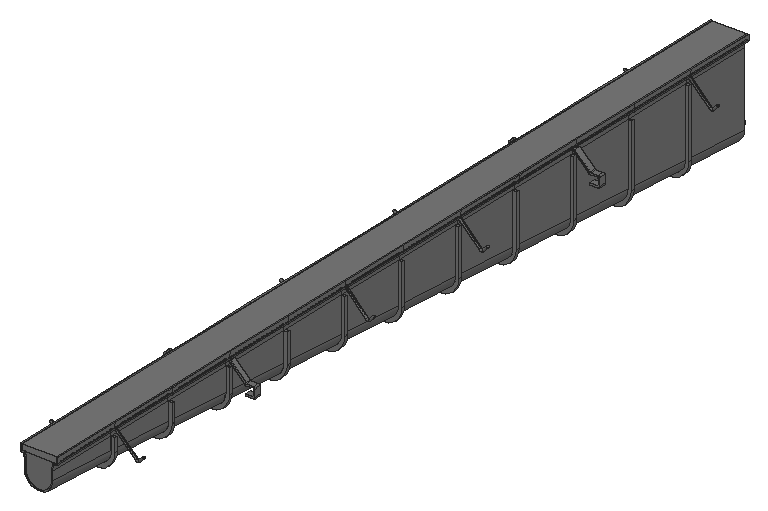
Revit family "x9940", category Plumbing Fixtures, Revit 2014 (continued)
Automatic sketch dimensions
  Blend 22 sketch curve to Blend 22 sketch curve = 0.12809"  (x2)
  Blend 23 sketch curve to Blend 23 sketch curve = 0"  (x2)
  Blend 23 sketch curve to level = 0"  (x4)
  Blend 23 sketch curve to plane 6 = 0"  (x2)
  Blend 23 sketch curve to plane 10 = 0"  (x4)
  plane 8 to Blend 23 sketch curve = 0"  (x2)
  Blend 23 sketch curve to plane 3 "Center (Left/Right)" = 0"  (x2)
  Blend 23 sketch curve to plane 24 = 0"  (x2)
  plane 7 to Blend 23 sketch curve = 0"  (x2)
  plane 6 to Blend 23 sketch curve = 0.16617"  (x2)
  plane 6 to Blend 23 sketch curve = 0.1804"  (x2)
  Blend 23 sketch curve to Blend 23 sketch curve = 0.0986"  (x2)
  Blend 23 sketch curve to Blend 23 sketch curve = 0.2354"  (x2)
  Blend 23 sketch curve to Blend 23 sketch curve = 0.10028"  (x2)
  Blend 23 sketch curve to Blend 23 sketch curve = 0.12518"  (x2)
  Blend 23 sketch curve to Blend 23 sketch curve = 0.15566"  (x2)
  Blend 23 sketch curve to plane 8 = 0.08142"  (x2)
  Blend 23 sketch curve to plane 9 = 0.08142"  (x2)
  Blend 23 sketch curve to Blend 23 sketch curve = 0.1276"  (x2)
  Blend 23 sketch curve to Blend 23 sketch curve = 0.01776"  (x2)
  Blend 23 sketch curve to Blend 23 sketch curve = 0.11805"  (x2)
  plane 10 to Blend 23 sketch curve = 29/256"  (x2)
  plane 7 to Blend 23 sketch curve = 0.27164"  (x2)
  plane 10 to Blend 23 sketch curve = 0.02415"  (x2)
  Blend 23 sketch curve to Blend 23 sketch curve = 0.02205"  (x2)
  plane 24 to Blend 23 sketch curve = 0.0893"  (x2)
  Blend 23 sketch curve to plane 24 = 0.01362"  (x4)
  Blend 23 sketch curve to plane 10 = 0.26473"  (x2)
  Blend 23 sketch curve to Blend 23 sketch curve = 0.10067"  (x2)
  Blend 23 sketch curve to Blend 23 sketch curve = 0.00877"  (x2)
  Blend 23 sketch curve to Blend 23 sketch curve = 0.12005"  (x2)
  Blend 23 sketch curve to Blend 23 sketch curve = 0.12809"  (x2)
  Extrusion 24 sketch curve to Extrusion 24 sketch curve = 0"  (x2)
  Extrusion 24 sketch curve to plane 6 = 0"
  Extrusion 24 sketch curve to plane 24 = 0"  (x2)
  Extrusion 24 sketch curve to plane 3 "Center (Left/Right)" = 0"
  Extrusion 24 sketch curve to plane 8 = 0.15566"
  plane 11 to Extrusion 24 sketch curve = 1.06441"
  Extrusion 25 sketch curve to Extrusion 25 sketch curve = 0"  (x2)
  Extrusion 25 sketch curve to plane 6 = 0"
  Extrusion 25 sketch curve to plane 24 = 0"  (x2)
  Extrusion 25 sketch curve to plane 3 "Center (Left/Right)" = 0"
  Extrusion 25 sketch curve to plane 8 = 0.15566"
  plane 11 to Extrusion 25 sketch curve = 0.31441"
  Extrusion 26 sketch curve to Extrusion 26 sketch curve = 0"  (x2)
  Extrusion 26 sketch curve to plane 6 = 0"
  Extrusion 26 sketch curve to plane 24 = 0"  (x2)
  Extrusion 26 sketch curve to plane 3 "Center (Left/Right)" = 0"
  Extrusion 26 sketch curve to plane 8 = 0.15566"
  Extrusion 26 sketch curve to plane 11 = 0.43559"
  Extrusion 27 sketch curve to Extrusion 27 sketch curve = 0"  (x2)
  Extrusion 27 sketch curve to plane 6 = 0"
  Extrusion 27 sketch curve to plane 24 = 0"  (x2)
  Extrusion 27 sketch curve to plane 3 "Center (Left/Right)" = 0"
  Extrusion 27 sketch curve to plane 8 = 0.15566"
  Extrusion 27 sketch curve to plane 11 = 1.15922"
  Extrusion 28 sketch curve to Extrusion 28 sketch curve = 0"  (x2)
  Extrusion 28 sketch curve to plane 6 = 0"
  Extrusion 28 sketch curve to plane 24 = 0"  (x2)
  Extrusion 28 sketch curve to plane 3 "Center (Left/Right)" = 0"
  Extrusion 28 sketch curve to plane 8 = 0.15566"
  Extrusion 28 sketch curve to plane 11 = 1.93559"
  Extrusion 29 sketch curve to Extrusion 29 sketch curve = 0"  (x2)
  Extrusion 29 sketch curve to plane 6 = 0"
  Extrusion 29 sketch curve to plane 24 = 0"  (x2)
  Extrusion 29 sketch curve to plane 3 "Center (Left/Right)" = 0"
  Extrusion 29 sketch curve to plane 8 = 0.15566"
  Extrusion 29 sketch curve to plane 11 = 2.68559"
  Extrusion 30 sketch curve to Extrusion 30 sketch curve = 0"  (x2)
  Extrusion 30 sketch curve to plane 6 = 0"
  Extrusion 30 sketch curve to plane 24 = 0"  (x2)
  Extrusion 30 sketch curve to plane 3 "Center (Left/Right)" = 0"
  Extrusion 30 sketch curve to plane 8 = 0.15566"
  Extrusion 30 sketch curve to plane 11 = 3.43559"
  Extrusion 31 sketch curve to Extrusion 31 sketch curve = 0"  (x2)
  Extrusion 31 sketch curve to plane 6 = 0"
  Extrusion 31 sketch curve to plane 24 = 0"  (x2)
  Extrusion 31 sketch curve to plane 3 "Center (Left/Right)" = 0"
  Extrusion 31 sketch curve to plane 8 = 0.15566"
  Extrusion 31 sketch curve to plane 11 = 4.18559"
  Extrusion 32 sketch curve to Extrusion 32 sketch curve = 0"  (x2)
  Extrusion 32 sketch curve to plane 6 = 0"
  Extrusion 32 sketch curve to plane 24 = 0"  (x2)
  Extrusion 32 sketch curve to plane 3 "Center (Left/Right)" = 0"
  Extrusion 32 sketch curve to plane 8 = 0.15566"
  plane 91 to Extrusion 32 sketch curve = 1.96816"
  Extrusion 33 sketch curve to Extrusion 33 sketch curve = 0"  (x2)
  Extrusion 33 sketch curve to plane 6 = 0"
  Extrusion 33 sketch curve to plane 24 = 0"  (x2)
  Extrusion 33 sketch curve to plane 3 "Center (Left/Right)" = 0"
  Extrusion 33 sketch curve to plane 8 = 0.15566"
  Extrusion 33 sketch curve to plane 11 = 5.685"
  Extrusion 34 sketch curve to Extrusion 34 sketch curve = 0"  (x2)
  Extrusion 34 sketch curve to plane 6 = 0"
  Extrusion 34 sketch curve to plane 24 = 0"  (x2)
  Extrusion 34 sketch curve to plane 3 "Center (Left/Right)" = 0"
  plane 92 to Extrusion 34 sketch curve = 1.96816"
  Extrusion 34 sketch curve to plane 9 = 0.15566"
  Extrusion 35 sketch curve to plane 8 = 0"
  Extrusion 35 sketch curve to plane 3 "Center (Left/Right)" = 0"
  plane 24 to Extrusion 35 sketch curve = 1.12637"
  Extrusion 35 sketch curve to plane 8 = 0.08142"
  Extrusion 35 sketch curve to plane 24 = 0.01362"  (x2)
  Extrusion 35 sketch curve to plane 10 = 0.11693"  (x2)
  Extrusion 35 sketch curve to plane 9 = 0.08142"
  Extrusion 35 sketch curve to plane 10 = 0.12809"
  Extrusion 35 sketch curve to plane 10 = 0"  (x3)
  Extrusion 35 sketch curve to Extrusion 35 sketch curve = 0.1276"
  Extrusion 35 sketch curve to Extrusion 35 sketch curve = 0"  (x2)
  Extrusion 36 sketch curve to Extrusion 36 sketch curve = 0"  (x4)
  Extrusion 36 sketch curve to plane 10 = 0"  (x3)
  Extrusion 36 sketch curve to plane 8 = 0"
  Extrusion 36 sketch curve to plane 3 "Center (Left/Right)" = 0"
  Extrusion 36 sketch curve to plane 8 = 0.08142"
  Extrusion 36 sketch curve to Extrusion 36 sketch curve = 0.1276"  (x2)
  Extrusion 36 sketch curve to plane 9 = 0.08142"
  Extrusion 36 sketch curve to plane 10 = 0.11693"  (x2)
  Extrusion 36 sketch curve to plane 24 = 0.01362"  (x2)
  Extrusion 36 sketch curve to plane 11 = 7.185"
  plane 15 to curve 2 = 0"
  curve 2 to plane 14 = 0"
  plane 6 to curve 124 = 0.16617"
  plane 6 to curve 123 = 0.16617"
  plane 6 to curve 3 = 0.16617"
  plane 6 to curve 4 = 0.16617"
  plane 6 to curve 5 = 0.16617"
  plane 6 to curve 6 = 0.16617"
  plane 6 to curve 7 = 0.16617"
  plane 6 to curve 8 = 0.16617"
  plane 6 to curve 9 = 0.16617"
  plane 6 to curve 239 = 0.16617"
  plane 6 to curve 10 = 0.16617"
  plane 6 to curve 238 = 0.16617"
  plane 6 to curve 11 = 0.16617"
  plane 6 to curve 237 = 0.16617"
  plane 6 to curve 12 = 0.16617"
  plane 6 to curve 236 = 0.16617"
  plane 6 to curve 13 = 0.16617"
  plane 6 to curve 235 = 0.16617"
  plane 6 to curve 14 = 0.16617"
  plane 6 to curve 234 = 0.16617"
  plane 6 to curve 15 = 0.16617"
  plane 6 to curve 233 = 0.16617"
  plane 6 to curve 16 = 0.16617"
  plane 6 to curve 232 = 0.16617"
  plane 6 to curve 17 = 0.16617"
  plane 6 to curve 231 = 0.16617"
  plane 6 to curve 18 = 0.16617"
  plane 6 to curve 230 = 0.16617"
  plane 6 to curve 19 = 0.16617"
  plane 6 to curve 229 = 0.16617"
  plane 6 to curve 20 = 0.16617"
  plane 6 to curve 228 = 0.16617"
  plane 6 to curve 21 = 0.16617"
  plane 6 to curve 227 = 0.16617"
  plane 6 to curve 22 = 0.16617"
  plane 6 to curve 226 = 0.16617"
  plane 6 to curve 23 = 0.16617"
  plane 6 to curve 225 = 0.16617"
  plane 6 to curve 24 = 0.16617"
  plane 6 to curve 224 = 0.16617"
  plane 6 to curve 25 = 0.16617"
  plane 6 to curve 223 = 0.16617"
  plane 6 to curve 26 = 0.16617"
  plane 6 to curve 222 = 0.16617"
  plane 6 to curve 27 = 0.16617"
  plane 6 to curve 221 = 0.16617"
  plane 6 to curve 28 = 0.16617"
  plane 6 to curve 220 = 0.16617"
  plane 6 to curve 29 = 0.16617"
  plane 25 to curve 219 = 0.05062"
  plane 6 to curve 219 = 0.16617"
  plane 6 to curve 30 = 0.16617"
  plane 6 to curve 218 = 0.16617"
  plane 6 to curve 31 = 0.16617"
  plane 6 to curve 217 = 0.16617"
  plane 6 to curve 32 = 0.16617"
  plane 6 to curve 216 = 0.16617"
  plane 6 to curve 33 = 0.16617"
  plane 6 to curve 215 = 0.16617"
  plane 6 to curve 34 = 0.16617"
  plane 6 to curve 214 = 0.16617"
  plane 6 to curve 35 = 0.16617"
  plane 6 to curve 213 = 0.16617"
  plane 6 to curve 36 = 0.16617"
  plane 6 to curve 212 = 0.16617"
  plane 6 to curve 37 = 0.16617"
  plane 6 to curve 211 = 0.16617"
  plane 6 to curve 38 = 0.16617"
  plane 6 to curve 210 = 0.16617"
  plane 6 to curve 39 = 0.16617"
  plane 6 to curve 209 = 0.16617"
  plane 6 to curve 40 = 0.16617"
  plane 6 to curve 208 = 0.16617"
  plane 6 to curve 41 = 0.16617"
  plane 6 to curve 207 = 0.16617"
  plane 31 to curve 42 = 0.02979"
  plane 6 to curve 42 = 0.16617"
  plane 6 to curve 206 = 0.16617"
  plane 6 to curve 43 = 0.16617"
  plane 6 to curve 205 = 0.16617"
  plane 6 to curve 44 = 0.16617"
  plane 6 to curve 204 = 0.16617"
  plane 6 to curve 45 = 0.16617"
  plane 6 to curve 203 = 0.16617"
  plane 6 to curve 46 = 0.16617"
  plane 6 to curve 202 = 0.16617"
  plane 6 to curve 47 = 0.16617"
  plane 6 to curve 201 = 0.16617"
  plane 6 to curve 48 = 0.16617"
  plane 6 to curve 200 = 0.16617"
  plane 6 to curve 49 = 0.16617"
  plane 6 to curve 199 = 0.16617"
  plane 6 to curve 50 = 0.16617"
  plane 6 to curve 198 = 0.16617"
  plane 6 to curve 51 = 0.16617"
  plane 6 to curve 197 = 0.16617"
  plane 6 to curve 52 = 0.16617"
  plane 6 to curve 196 = 0.16617"
  plane 6 to curve 53 = 0.16617"
  plane 6 to curve 195 = 0.16617"
  plane 6 to curve 54 = 0.16617"
  plane 6 to curve 194 = 0.16617"
  plane 6 to curve 55 = 0.16617"
  plane 6 to curve 193 = 0.16617"
  plane 6 to curve 56 = 0.16617"
  plane 6 to curve 192 = 0.16617"
  plane 6 to curve 57 = 0.16617"
  plane 6 to curve 191 = 0.16617"
  plane 6 to curve 58 = 0.16617"
  plane 6 to curve 190 = 0.16617"
  plane 6 to curve 59 = 0.16617"
  plane 6 to curve 189 = 0.16617"
  plane 6 to curve 60 = 0.16617"
  plane 6 to curve 188 = 0.16617"
  curve 61 to plane 13 = 1/16"
  plane 6 to curve 61 = 0.16617"
  plane 6 to curve 187 = 0.16617"
  plane 6 to curve 62 = 0.16617"
  plane 6 to curve 186 = 0.16617"
  plane 6 to curve 63 = 0.16617"
  plane 6 to curve 185 = 0.16617"
  plane 6 to curve 64 = 0.16617"
  plane 6 to curve 184 = 0.16617"
  plane 6 to curve 65 = 0.16617"
  plane 6 to curve 183 = 0.16617"
  plane 6 to curve 66 = 0.16617"
  plane 6 to curve 182 = 0.16617"
  plane 6 to curve 67 = 0.16617"
  plane 6 to curve 181 = 0.16617"
  plane 6 to curve 68 = 0.16617"
  plane 12 to curve 180 = 1/16"
  plane 6 to curve 180 = 0.16617"
  plane 6 to curve 69 = 0.16617"
  plane 6 to curve 179 = 0.16617"
  plane 6 to curve 70 = 0.16617"
  plane 6 to curve 178 = 0.16617"
  plane 6 to curve 71 = 0.16617"
  plane 6 to curve 177 = 0.16617"
  plane 6 to curve 72 = 0.16617"
  plane 6 to curve 176 = 0.16617"
  plane 6 to curve 73 = 0.16617"
  plane 6 to curve 175 = 0.16617"
  plane 6 to curve 74 = 0.16617"
  plane 6 to curve 174 = 0.16617"
  plane 6 to curve 75 = 0.16617"
  plane 6 to curve 173 = 0.16617"
  plane 6 to curve 76 = 0.16617"
  plane 6 to curve 172 = 0.16617"
  plane 6 to curve 77 = 0.16617"
  plane 6 to curve 171 = 0.16617"
  plane 6 to curve 78 = 0.16617"
  plane 6 to curve 170 = 0.16617"
  plane 6 to curve 79 = 0.16617"
  plane 6 to curve 169 = 0.16617"
  plane 6 to curve 80 = 0.16617"
  plane 6 to curve 168 = 0.16617"
  curve 81 to plane 21 = 0.02083"
  plane 6 to curve 81 = 0.16617"
  plane 6 to curve 167 = 0.16617"
  plane 6 to curve 82 = 0.16617"
  plane 6 to curve 166 = 0.16617"
  plane 6 to curve 83 = 0.16617"
  plane 6 to curve 165 = 0.16617"
  plane 6 to curve 84 = 0.16617"
  plane 6 to curve 164 = 0.16617"
  plane 6 to curve 85 = 0.16617"
  plane 6 to curve 163 = 0.16617"
  plane 6 to curve 86 = 0.16617"
  plane 6 to curve 162 = 0.16617"
  plane 6 to curve 87 = 0.16617"
  plane 6 to curve 161 = 0.16617"
  plane 6 to curve 88 = 0.16617"
  plane 39 to curve 160 = 0.01937"
  plane 6 to curve 160 = 0.16617"
  plane 6 to curve 89 = 0.16617"
  plane 6 to curve 159 = 0.16617"
  plane 6 to curve 90 = 0.16617"
  plane 6 to curve 158 = 0.16617"
  plane 6 to curve 91 = 0.16617"
  plane 6 to curve 157 = 0.16617"
  plane 6 to curve 92 = 0.16617"
  plane 6 to curve 156 = 0.16617"
  plane 6 to curve 93 = 0.16617"
  plane 6 to curve 155 = 0.16617"
  plane 6 to curve 94 = 0.16617"
  plane 6 to curve 154 = 0.16617"
  plane 6 to curve 95 = 0.16617"
  plane 6 to curve 153 = 0.16617"
  plane 6 to curve 96 = 0.16617"
  plane 6 to curve 152 = 0.16617"
  plane 6 to curve 97 = 0.16617"
  plane 6 to curve 151 = 0.16617"
  plane 6 to curve 98 = 0.16617"
  plane 6 to curve 150 = 0.16617"
  plane 6 to curve 99 = 0.16617"
  plane 6 to curve 149 = 0.16617"
  plane 6 to curve 100 = 0.16617"
  plane 6 to curve 148 = 0.16617"
  plane 6 to curve 101 = 0.16617"
  plane 6 to curve 147 = 0.16617"
  plane 6 to curve 102 = 0.16617"
  plane 6 to curve 146 = 0.16617"
  plane 6 to curve 103 = 0.16617"
  plane 6 to curve 145 = 0.16617"
  plane 6 to curve 104 = 0.16617"
  plane 6 to curve 144 = 0.16617"
  plane 6 to curve 105 = 0.16617"
  plane 6 to curve 143 = 0.16617"
  plane 6 to curve 106 = 0.16617"
  plane 6 to curve 142 = 0.16617"
  plane 6 to curve 107 = 0.16617"
  plane 6 to curve 141 = 0.16617"
  plane 6 to curve 108 = 0.16617"
  curve 140 to plane 40 = 0.06396"
  plane 6 to curve 140 = 0.16617"
  plane 6 to curve 109 = 0.16617"
  plane 6 to curve 139 = 0.16617"
  plane 6 to curve 110 = 0.16617"
  plane 6 to curve 138 = 0.16617"
  plane 6 to curve 111 = 0.16617"
  plane 6 to curve 137 = 0.16617"
  plane 6 to curve 112 = 0.16617"
  plane 6 to curve 136 = 0.16617"
  plane 6 to curve 113 = 0.16617"
  plane 6 to curve 135 = 0.16617"
  plane 6 to curve 114 = 0.16617"
  plane 6 to curve 134 = 0.16617"
  plane 6 to curve 115 = 0.16617"
  plane 6 to curve 133 = 0.16617"
  plane 6 to curve 116 = 0.16617"
  plane 6 to curve 132 = 0.16617"
  plane 6 to curve 117 = 0.16617"
  plane 6 to curve 131 = 0.16617"
  plane 6 to curve 118 = 0.16617"
  plane 6 to curve 130 = 0.16617"
  plane 6 to curve 119 = 0.16617"
  plane 6 to curve 129 = 0.16617"
  plane 6 to curve 120 = 0.16617"
  plane 6 to curve 128 = 0.16617"
  curve 121 to plane 35 = 1/32"
  plane 6 to curve 121 = 0.16617"
  plane 6 to curve 127 = 0.16617"
  plane 6 to curve 122 = 0.16617"
  plane 6 to curve 126 = 0.16617"
  plane 6 to curve 125 = 0.16617"
  plane 3 "Center (Left/Right)" to curve 2 = 1/256"
  plane 7 to curve 124 = 0.15835"
  plane 7 to curve 123 = 0.15835"
  plane 7 to curve 125 = 0.15835"
  plane 7 to curve 122 = 0.15835"
  plane 7 to curve 126 = 0.15835"
  plane 7 to curve 121 = 0.15835"
  plane 7 to curve 127 = 0.15835"
  plane 7 to curve 120 = 0.15835"
  plane 7 to curve 128 = 0.15835"
  plane 7 to curve 119 = 0.15835"
  plane 7 to curve 129 = 0.15835"
  plane 7 to curve 118 = 0.15835"
  plane 7 to curve 130 = 0.15835"
  plane 7 to curve 117 = 0.15835"
  plane 7 to curve 131 = 0.15835"
  plane 7 to curve 116 = 0.15835"
  plane 7 to curve 132 = 0.15835"
  plane 7 to curve 115 = 0.15835"
  plane 7 to curve 133 = 0.15835"
  plane 7 to curve 114 = 0.15835"
  plane 7 to curve 134 = 0.15835"
  plane 7 to curve 113 = 0.15835"
  plane 7 to curve 135 = 0.15835"
  plane 7 to curve 112 = 0.15835"
  plane 7 to curve 136 = 0.15835"
  plane 7 to curve 111 = 0.15835"
  plane 7 to curve 137 = 0.15835"
  plane 7 to curve 110 = 0.15835"
  plane 7 to curve 138 = 0.15835"
  plane 7 to curve 109 = 0.15835"
  plane 7 to curve 139 = 0.15835"
  plane 7 to curve 108 = 0.15835"
  plane 7 to curve 140 = 0.15835"
  plane 7 to curve 107 = 0.15835"
  plane 7 to curve 141 = 0.15835"
  plane 7 to curve 106 = 0.15835"
  plane 7 to curve 142 = 0.15835"
  plane 7 to curve 105 = 0.15835"
  plane 7 to curve 143 = 0.15835"
  plane 7 to curve 104 = 0.15835"
  plane 7 to curve 144 = 0.15835"
  plane 7 to curve 103 = 0.15835"
  plane 7 to curve 145 = 0.15835"
  plane 7 to curve 102 = 0.15835"
  plane 7 to curve 146 = 0.15835"
  plane 7 to curve 101 = 0.15835"
  plane 7 to curve 147 = 0.15835"
  plane 7 to curve 100 = 0.15835"
  plane 7 to curve 148 = 0.15835"
  plane 7 to curve 99 = 0.15835"
  plane 7 to curve 149 = 0.15835"
  plane 7 to curve 98 = 0.15835"
  plane 7 to curve 150 = 0.15835"
  plane 7 to curve 97 = 0.15835"
  plane 7 to curve 151 = 0.15835"
  plane 7 to curve 96 = 0.15835"
  plane 7 to curve 152 = 0.15835"
  plane 7 to curve 95 = 0.15835"
  plane 7 to curve 153 = 0.15835"
  plane 7 to curve 94 = 0.15835"
  plane 7 to curve 154 = 0.15835"
  plane 7 to curve 93 = 0.15835"
  plane 7 to curve 155 = 0.15835"
  plane 7 to curve 92 = 0.15835"
  plane 7 to curve 156 = 0.15835"
  plane 7 to curve 91 = 0.15835"
  plane 7 to curve 157 = 0.15835"
  plane 7 to curve 90 = 0.15835"
  plane 7 to curve 158 = 0.15835"
  plane 7 to curve 89 = 0.15835"
  plane 7 to curve 159 = 0.15835"
  plane 7 to curve 88 = 0.15835"
  plane 7 to curve 160 = 0.15835"
  plane 7 to curve 87 = 0.15835"
  plane 7 to curve 161 = 0.15835"
  plane 7 to curve 86 = 0.15835"
  plane 7 to curve 162 = 0.15835"
  plane 7 to curve 85 = 0.15835"
  plane 7 to curve 163 = 0.15835"
  plane 7 to curve 84 = 0.15835"
  plane 7 to curve 164 = 0.15835"
  plane 7 to curve 83 = 0.15835"
  plane 7 to curve 165 = 0.15835"
  plane 7 to curve 82 = 0.15835"
  plane 7 to curve 166 = 0.15835"
  plane 7 to curve 81 = 0.15835"
  plane 7 to curve 167 = 0.15835"
  plane 7 to curve 80 = 0.15835"
  plane 7 to curve 168 = 0.15835"
  plane 7 to curve 79 = 0.15835"
  plane 7 to curve 169 = 0.15835"
  plane 7 to curve 78 = 0.15835"
  plane 7 to curve 170 = 0.15835"
  plane 7 to curve 77 = 0.15835"
  plane 7 to curve 171 = 0.15835"
  plane 7 to curve 76 = 0.15835"
  plane 7 to curve 172 = 0.15835"
  plane 7 to curve 75 = 0.15835"
  plane 7 to curve 173 = 0.15835"
  plane 7 to curve 74 = 0.15835"
  plane 7 to curve 174 = 0.15835"
  plane 7 to curve 73 = 0.15835"
  plane 7 to curve 175 = 0.15835"
  plane 7 to curve 72 = 0.15835"
  plane 7 to curve 176 = 0.15835"
  plane 7 to curve 71 = 0.15835"
  plane 7 to curve 177 = 0.15835"
  plane 7 to curve 70 = 0.15835"
  plane 7 to curve 178 = 0.15835"
  plane 7 to curve 69 = 0.15835"
  plane 7 to curve 179 = 0.15835"
  plane 7 to curve 68 = 0.15835"
  plane 7 to curve 180 = 0.15835"
  plane 7 to curve 67 = 0.15835"
  plane 7 to curve 181 = 0.15835"
  plane 7 to curve 66 = 0.15835"
  plane 7 to curve 182 = 0.15835"
  plane 7 to curve 65 = 0.15835"
  plane 7 to curve 183 = 0.15835"
  plane 7 to curve 64 = 0.15835"
  plane 7 to curve 184 = 0.15835"
  plane 7 to curve 63 = 0.15835"
  plane 7 to curve 185 = 0.15835"
  plane 7 to curve 62 = 0.15835"
  plane 7 to curve 186 = 0.15835"
  plane 7 to curve 61 = 0.15835"
  plane 7 to curve 187 = 0.15835"
  plane 7 to curve 60 = 0.15835"
  plane 7 to curve 188 = 0.15835"
  plane 7 to curve 59 = 0.15835"
  plane 7 to curve 189 = 0.15835"
  plane 7 to curve 58 = 0.15835"
  plane 7 to curve 190 = 0.15835"
  plane 7 to curve 57 = 0.15835"
  plane 7 to curve 191 = 0.15835"
  plane 7 to curve 56 = 0.15835"
  plane 7 to curve 192 = 0.15835"
  plane 7 to curve 55 = 0.15835"
  plane 7 to curve 193 = 0.15835"
  plane 7 to curve 54 = 0.15835"
  plane 7 to curve 194 = 0.15835"
  plane 7 to curve 53 = 0.15835"
  plane 7 to curve 195 = 0.15835"
  plane 7 to curve 52 = 0.15835"
  plane 7 to curve 196 = 0.15835"
  plane 7 to curve 51 = 0.15835"
  plane 7 to curve 197 = 0.15835"
  plane 7 to curve 50 = 0.15835"
  plane 7 to curve 198 = 0.15835"
  plane 7 to curve 49 = 0.15835"
  plane 7 to curve 199 = 0.15835"
  plane 7 to curve 48 = 0.15835"
  plane 7 to curve 200 = 0.15835"
  plane 7 to curve 47 = 0.15835"
  plane 7 to curve 201 = 0.15835"
  plane 7 to curve 46 = 0.15835"
  plane 7 to curve 202 = 0.15835"
  plane 7 to curve 45 = 0.15835"
  plane 7 to curve 203 = 0.15835"
  plane 7 to curve 44 = 0.15835"
  plane 7 to curve 204 = 0.15835"
  plane 7 to curve 43 = 0.15835"
  plane 7 to curve 205 = 0.15835"
  plane 7 to curve 42 = 0.15835"
  plane 7 to curve 206 = 0.15835"
  plane 7 to curve 41 = 0.15835"
  plane 7 to curve 207 = 0.15835"
  plane 7 to curve 40 = 0.15835"
  plane 7 to curve 208 = 0.15835"
  plane 7 to curve 39 = 0.15835"
  plane 7 to curve 209 = 0.15835"
  plane 7 to curve 38 = 0.15835"
  plane 7 to curve 210 = 0.15835"
  plane 7 to curve 37 = 0.15835"
  plane 7 to curve 211 = 0.15835"
  plane 7 to curve 36 = 0.15835"
  plane 7 to curve 212 = 0.15835"
  plane 7 to curve 35 = 0.15835"
  plane 7 to curve 213 = 0.15835"
  plane 7 to curve 34 = 0.15835"
  plane 7 to curve 214 = 0.15835"
  plane 7 to curve 33 = 0.15835"
  plane 7 to curve 215 = 0.15835"
  plane 7 to curve 32 = 0.15835"
  plane 7 to curve 216 = 0.15835"
  plane 7 to curve 31 = 0.15835"
  plane 7 to curve 217 = 0.15835"
  plane 7 to curve 30 = 0.15835"
  plane 7 to curve 218 = 0.15835"
  plane 7 to curve 29 = 0.15835"
  plane 7 to curve 219 = 0.15835"
  plane 7 to curve 28 = 0.15835"
  plane 7 to curve 220 = 0.15835"
  plane 7 to curve 27 = 0.15835"
  plane 7 to curve 221 = 0.15835"
  plane 7 to curve 26 = 0.15835"
  plane 7 to curve 222 = 0.15835"
  plane 7 to curve 25 = 0.15835"
  plane 7 to curve 223 = 0.15835"
  plane 7 to curve 24 = 0.15835"
  plane 7 to curve 224 = 0.15835"
  plane 7 to curve 23 = 0.15835"
  plane 7 to curve 225 = 0.15835"
  plane 7 to curve 22 = 0.15835"
  plane 7 to curve 226 = 0.15835"
  plane 7 to curve 21 = 0.15835"
  plane 7 to curve 227 = 0.15835"
  plane 7 to curve 20 = 0.15835"
  plane 7 to curve 228 = 0.15835"
  plane 7 to curve 19 = 0.15835"
  plane 7 to curve 229 = 0.15835"
  plane 7 to curve 18 = 0.15835"
  plane 7 to curve 230 = 0.15835"
  plane 7 to curve 17 = 0.15835"
  plane 7 to curve 231 = 0.15835"
  plane 7 to curve 16 = 0.15835"
  plane 7 to curve 232 = 0.15835"
  plane 7 to curve 15 = 0.15835"
  plane 7 to curve 233 = 0.15835"
  plane 7 to curve 14 = 0.15835"
  plane 7 to curve 234 = 0.15835"
  plane 7 to curve 13 = 0.15835"
  plane 7 to curve 235 = 0.15835"
  plane 7 to curve 12 = 0.15835"
  plane 7 to curve 236 = 0.15835"
  plane 7 to curve 11 = 0.15835"
  plane 7 to curve 237 = 0.15835"
  plane 7 to curve 10 = 0.15835"
  plane 7 to curve 238 = 0.15835"
  plane 7 to curve 9 = 0.15835"
  plane 7 to curve 239 = 0.15835"
  plane 7 to curve 8 = 0.15835"
  plane 7 to curve 7 = 0.15835"
  plane 7 to curve 6 = 0.15835"
  plane 7 to curve 5 = 0.15835"
  plane 7 to curve 4 = 0.15835"
  plane 7 to curve 3 = 0.15835"
  plane 14 to curve 3 = 1/2"
  curve 3 to curve 4 = 1/2"
  curve 4 to curve 5 = 1/2"
  curve 5 to curve 6 = 1/2"
  curve 6 to curve 7 = 1/2"
  curve 7 to curve 8 = 1/2"
  curve 8 to curve 9 = 1/2"
  curve 9 to curve 10 = 1/2"
  curve 10 to curve 11 = 1/2"
  curve 11 to curve 12 = 1/2"
  curve 12 to curve 13 = 1/2"
  curve 13 to curve 14 = 1/2"
  curve 14 to curve 15 = 1/2"
  curve 15 to curve 16 = 1/2"
  curve 16 to curve 17 = 1/2"
  curve 17 to curve 18 = 1/2"
  curve 18 to curve 19 = 1/2"
  curve 19 to curve 20 = 1/2"
  curve 21 to plane 22 = 0.35417"
  plane 22 to curve 22 = 0.14583"
  curve 23 to plane 30 = 0.32438"
  curve 23 to curve 24 = 1/2"
  curve 24 to curve 25 = 1/2"
  curve 25 to curve 26 = 1/2"
  curve 26 to curve 27 = 1/2"
  curve 27 to curve 28 = 1/2"
  curve 28 to curve 29 = 1/2"
  curve 29 to curve 30 = 1/2"
  curve 30 to curve 31 = 1/2"
  curve 31 to curve 32 = 1/2"
  curve 32 to curve 33 = 1/2"
  curve 33 to curve 34 = 1/2"
  curve 34 to curve 35 = 1/2"
  curve 35 to curve 36 = 1/2"
  curve 36 to curve 37 = 1/2"
  curve 37 to curve 38 = 1/2"
  curve 38 to curve 39 = 1/2"
  curve 39 to curve 40 = 1/2"
  curve 41 to plane 23 = 0.20833"
  curve 43 to plane 31 = 0.47021"
  curve 43 to curve 44 = 1/2"
  curve 44 to curve 45 = 1/2"
  curve 45 to curve 46 = 1/2"
  curve 46 to curve 47 = 1/2"
  curve 47 to curve 48 = 1/2"
  curve 48 to curve 49 = 1/2"
  curve 49 to curve 50 = 1/2"
  curve 50 to curve 51 = 1/2"
  curve 51 to curve 52 = 1/2"
  curve 52 to curve 53 = 1/2"
  curve 53 to curve 54 = 1/2"
  curve 54 to curve 55 = 1/2"
  curve 55 to curve 56 = 1/2"
  curve 56 to curve 57 = 1/2"
  curve 57 to curve 58 = 1/2"
  curve 58 to curve 59 = 1/2"
  curve 59 to curve 60 = 1/2"
  curve 62 to plane 32 = 0.11605"
  curve 62 to curve 63 = 1/2"
  curve 63 to curve 64 = 1/2"
  curve 64 to curve 65 = 1/2"
  curve 65 to curve 66 = 1/2"
  curve 66 to curve 67 = 1/2"
  curve 67 to curve 68 = 1/2"
  curve 68 to curve 69 = 1/2"
  curve 69 to curve 70 = 1/2"
  curve 70 to curve 71 = 1/2"
  curve 71 to curve 72 = 1/2"
  curve 72 to curve 73 = 1/2"
  curve 73 to curve 74 = 1/2"
  curve 74 to curve 75 = 1/2"
  curve 75 to curve 76 = 1/2"
  curve 76 to curve 77 = 1/2"
  curve 77 to curve 78 = 1/2"
  curve 78 to curve 79 = 1/2"
  plane 21 to curve 80 = 0.47917"
  curve 82 to plane 33 = 0.19938"
  curve 82 to curve 83 = 1/2"
  curve 83 to curve 84 = 1/2"
  curve 84 to curve 85 = 1/2"
  curve 85 to curve 86 = 1/2"
  curve 86 to curve 87 = 1/2"
  curve 87 to curve 88 = 1/2"
  curve 88 to curve 89 = 1/2"
  curve 89 to curve 90 = 1/2"
  curve 90 to curve 91 = 1/2"
  curve 91 to curve 92 = 1/2"
  curve 92 to curve 93 = 1/2"
  curve 93 to curve 94 = 1/2"
  curve 94 to curve 95 = 1/2"
  curve 95 to curve 96 = 1/2"
  curve 96 to curve 97 = 1/2"
  curve 97 to curve 98 = 1/2"
  curve 98 to curve 99 = 1/2"
  plane 20 to curve 100 = 0.39583"
  curve 101 to plane 20 = 0.10417"
  curve 102 to plane 34 = 0.28271"
  curve 102 to curve 103 = 1/2"
  curve 103 to curve 104 = 1/2"
  curve 104 to curve 105 = 1/2"
  curve 105 to curve 106 = 1/2"
  curve 106 to curve 107 = 1/2"
  curve 107 to curve 108 = 1/2"
  curve 108 to curve 109 = 1/2"
  curve 109 to curve 110 = 1/2"
  curve 110 to curve 111 = 1/2"
  curve 111 to curve 112 = 1/2"
  curve 112 to curve 113 = 1/2"
  curve 113 to curve 114 = 1/2"
  curve 114 to curve 115 = 1/2"
  curve 115 to curve 116 = 1/2"
  curve 116 to curve 117 = 1/2"
  curve 117 to curve 118 = 1/2"
  curve 118 to curve 119 = 1/2"
  curve 120 to plane 36 = 5/32"
  curve 121 to curve 122 = 1/2"
  curve 122 to curve 123 = 1/2"
  curve 123 to curve 124 = 1/2"
  curve 124 to curve 125 = 1/2"
  curve 125 to curve 126 = 1/2"
  curve 126 to curve 127 = 1/2"
  curve 127 to curve 128 = 1/2"
  curve 128 to curve 129 = 1/2"
  curve 129 to curve 130 = 1/2"
  curve 130 to curve 131 = 1/2"
  curve 131 to curve 132 = 1/2"
  curve 132 to curve 133 = 1/2"
  curve 133 to curve 134 = 1/2"
  curve 134 to curve 135 = 1/2"
  curve 135 to curve 136 = 1/2"
  curve 136 to curve 137 = 1/2"
  curve 137 to curve 138 = 1/2"
  curve 139 to plane 29 = 0.40771"
  plane 18 to curve 141 = 0.27083"
  curve 141 to curve 142 = 1/2"
  curve 142 to curve 143 = 1/2"
  curve 143 to curve 144 = 1/2"
  curve 144 to curve 145 = 1/2"
  curve 145 to curve 146 = 1/2"
  curve 146 to curve 147 = 1/2"
  curve 147 to curve 148 = 1/2"
  curve 148 to curve 149 = 1/2"
  curve 149 to curve 150 = 1/2"
  curve 150 to curve 151 = 1/2"
  curve 151 to curve 152 = 1/2"
  curve 152 to curve 153 = 1/2"
  curve 153 to curve 154 = 1/2"
  curve 154 to curve 155 = 1/2"
  curve 155 to curve 156 = 1/2"
  curve 156 to curve 157 = 1/2"
  curve 157 to curve 158 = 1/2"
  curve 159 to plane 28 = 0.32438"
  plane 19 to curve 161 = 0.35417"
  curve 161 to curve 162 = 1/2"
  curve 162 to curve 163 = 1/2"
  curve 163 to curve 164 = 1/2"
  curve 164 to curve 165 = 1/2"
  curve 165 to curve 166 = 1/2"
  curve 166 to curve 167 = 1/2"
  curve 167 to curve 168 = 1/2"
  curve 168 to curve 169 = 1/2"
  curve 169 to curve 170 = 1/2"
  curve 170 to curve 171 = 1/2"
  curve 171 to curve 172 = 1/2"
  curve 172 to curve 173 = 1/2"
  curve 173 to curve 174 = 1/2"
  curve 174 to curve 175 = 1/2"
  curve 175 to curve 176 = 1/2"
  curve 176 to curve 177 = 1/2"
  curve 177 to curve 178 = 1/2"
  curve 179 to plane 27 = 0.24105"
  curve 181 to plane 12 = 7/16"
  curve 181 to curve 182 = 1/2"
  curve 182 to curve 183 = 1/2"
  curve 183 to curve 184 = 1/2"
  curve 184 to curve 185 = 1/2"
  curve 185 to curve 186 = 1/2"
  curve 186 to curve 187 = 1/2"
  curve 187 to curve 188 = 1/2"
  curve 188 to curve 189 = 1/2"
  curve 189 to curve 190 = 1/2"
  curve 190 to curve 191 = 1/2"
  curve 191 to curve 192 = 1/2"
  curve 192 to curve 193 = 1/2"
  curve 193 to curve 194 = 1/2"
  curve 194 to curve 195 = 1/2"
  curve 195 to curve 196 = 1/2"
  curve 196 to curve 197 = 1/2"
  curve 197 to curve 198 = 1/2"
  curve 199 to plane 26 = 0.09521"
  curve 200 to plane 17 = 0.08333"
  curve 200 to curve 201 = 1/2"
  curve 201 to curve 202 = 1/2"
  curve 202 to curve 203 = 1/2"
  curve 203 to curve 204 = 1/2"
  curve 204 to curve 205 = 1/2"
  curve 205 to curve 206 = 1/2"
  curve 206 to curve 207 = 1/2"
  curve 207 to curve 208 = 1/2"
  curve 208 to curve 209 = 1/2"
  curve 209 to curve 210 = 1/2"
  curve 210 to curve 211 = 1/2"
  curve 211 to curve 212 = 1/2"
  curve 212 to curve 213 = 1/2"
  curve 213 to curve 214 = 1/2"
  curve 214 to curve 215 = 1/2"
  curve 215 to curve 216 = 1/2"
  curve 216 to curve 217 = 1/2"
  curve 218 to plane 25 = 0.44938"
  curve 220 to plane 16 = 0.22917"
  curve 220 to curve 221 = 1/2"
  curve 221 to curve 222 = 1/2"
  curve 222 to curve 223 = 1/2"
  curve 223 to curve 224 = 1/2"
  curve 224 to curve 225 = 1/2"
  curve 225 to curve 226 = 1/2"
  curve 226 to curve 227 = 1/2"
  curve 227 to curve 228 = 1/2"
  curve 228 to curve 229 = 1/2"
  curve 229 to curve 230 = 1/2"
  curve 230 to curve 231 = 1/2"
  curve 231 to curve 232 = 1/2"
  curve 232 to curve 233 = 1/2"
  curve 233 to curve 234 = 1/2"
  curve 234 to curve 235 = 1/2"
  curve 235 to curve 236 = 1/2"
  curve 236 to curve 237 = 1/2"
  curve 238 to plane 37 = 0.30355"
  plane 15 to curve 239 = 1/8"
  radius of Sweep 1 sketch curve = 1/8"
  radius of Sweep 2 sketch curve = 1/8"
  radius of Sweep 3 sketch curve = 1/8"
  radius of Sweep 4 sketch curve = 1/8"
  radius of Sweep 5 sketch curve = 1/8"
  radius of Sweep 6 sketch curve = 1/8"
  radius of Sweep 7 sketch curve = 1/8"
  radius of Sweep 10 sketch curve = 1/8"
  radius of Extrusion 36 sketch curve = 1"
Connectors (in)
  piping at (0, 60.62949, -11.9975), diameter 4, driven by "Connection Size"
    settings: on cut or joined group of Extrusion 36, Extrusion 37, index 1, connector inside diameter 24", connector length 0", flow factor 0, pipe flow 0 GPM, pressure drop 0.00 psi, fitting loss kfactor 0, connector angle 0.00°, fixture units 0, engagement length 0", angle of deflection 0.00°, flow configuration 0, flow direction 2, fitting loss method 0, system type 16, joint type 0, gender type 0, connector reference index -1, connector utility 0, adjustable connector no, is connector primary yes, connector description "Drain Outlet"
